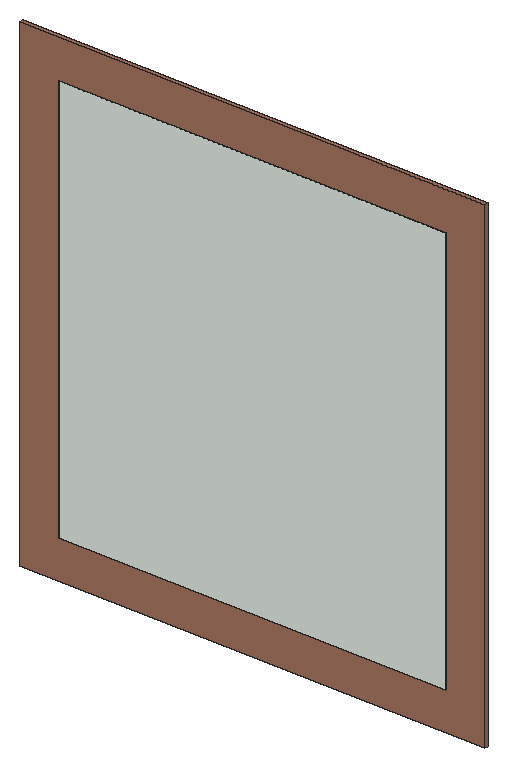
Revit family
Reference planes (in)
  plane 1: y = 0
  plane 2 "Center (Left/Right)": x = 0
  plane 3 "Wall Edge": y = 4
Forms (in)
  Extrusion 1, solid, material "jager mirror"
    sketch origin (0, 4, 135.99076) x (1, 0, 0) y (0, 0, -1)
      loop
        line (28.38922, 34.99076) -> (28.38922, 87.97746) -> (-21.68688, 87.97746) -> (-21.68688, 34.99076) -> (28.38922, 34.99076)
    from 0 to 1
  Sweep 2, solid, material "jager wood"
    path in 3D
      loop
        line (-21.68688, 4, 101) -> (-21.68688, 4, 48.0133) -> (28.38922, 4, 48.0133) -> (28.38922, 4, 101) -> (-21.68688, 4, 101)
    profile origin (3.35117, 4, 101) x (0, -1, 0) y (0, 0, 1)
      loop
        line (0, 0) -> (0, 5) -> (-0.5, 5)
        arc (-0.5, 5) -> (-0.86798, 3.57699) -> (-1.5, 2.25) r 7.68922
        arc (-1.5, 2.25) -> (-1.93938, 0.90358) -> (-1.75, -0.5) r 3.17713
        line (-1.75, -0.5) -> (-1, -0.5) -> (-1, 0) -> (0, 0)
Lines and regions (in)
  sketch lines
    curve 1: line (28.38922, 4, 101) -> (-21.68688, 4, 101)
    curve 2: line (-21.68688, 4, 101) -> (-21.68688, 4, 48.0133)
    curve 3: line (-21.68688, 4, 48.0133) -> (28.38922, 4, 48.0133)
    curve 4: line (28.38922, 4, 48.0133) -> (28.38922, 4, 101)
Text (in)
  text "Placement Side" at (0, 40.15149, 123.01588), in view "Right"
  text "Placement Side" at (-70.3804, 28.46503, 0), in view "Ref. Level"
  text "Placement Side" at (0, 81.62555, 140.59947), in view "Left"
Dimensions and locks (in)
  locked: plane 3 "Wall Edge" to host wall
